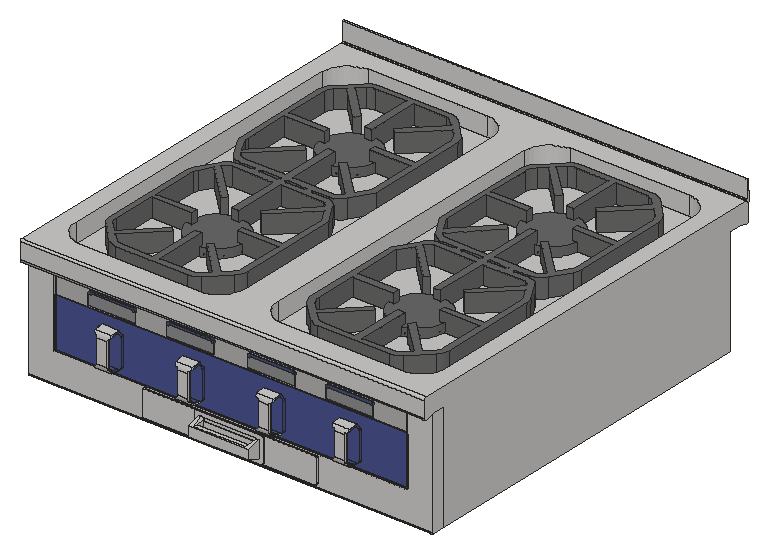
Revit family "QF_ELECTROLUXPROFESSIONAL_588051_MAGGABHOPI", category Specialty Equipment, Revit 2018
Family settings
  Round Connector Dimension = Use Diameter
  Part Type = Normal
  Work Plane-Based = No
  Always vertical = Yes
  Cut with Voids When Loaded = No
  Shared = No
  Room Calculation Point = No
Parameters
  Weight in Pounds = 138.891
  Watts = 0 W
  URL Cutsheet = ""
  Type Mark [instance] = ""
  Status [instance] = ""
  Specification by User [instance] = ""
  Specification by Manufacturer = ""
  Show Clearance [instance] = yes
  Serial Number = ""
  Seismic Rating = ""
  SMACNA No = ""
  Revision Code [instance] = ""
  Omniclass Number and Title = ""
  NAFEM Spec ID Number = ""
  Model = "588051"
  Mechanical Remarks [instance] = ""
  Mechanical Connection Type [instance] = ""
  Masterspec = ""
  Manufacturer = "ELECTROLUX"
  Item Number [instance] = ""
  Installed By [instance] = ""
  Identify Quantity as Lot [instance] = yes
  HP = "0 HP"
  Gas Size = 1/2"
  Gas RI Height [instance] = 0 mm
  Gas KW = 28
  Gas Input = 95452.0 Btu/h
  Gas Connection Height [instance] = 0 mm
  Furnished By [instance] = ""
  Foodservice Equipment Identifier [instance] = yes
  Direct Waste Size = 0"
  Description = "GAS TOP,4 BURNERS,ECO,1-S,BSPL,800X800X250H"
  CSI MasterFormat = ""
  CSI Master Format = ""
  Back Panel [instance] = yes
Reference planes
  plane 1 "BACK": y = 0
  plane 2: z = 0
  plane 3 "LEFT": x = 0
  plane 4 "RIGHT": x = 800
  plane 5 "FRONT": y = -800
  plane 6 "TOP": z = 250
  plane 7: x = 400
  plane 8: y = -400
  plane 9: z = 370
  plane 10: x = 765
  plane 11: y = -60.425
  plane 12: y = -1230
Forms (mm)
  Extrusion 1, solid, material "QF_Finishes_Stainless Steel"
    sketch origin (0, -487.128, 0) x (0, 1, 0) y (0, 0, 1)
      loop
        line (483.128, 250) -> (-308.872, 250)
        arc (-308.872, 250) -> (-311.7, 248.828) -> (-312.872, 246) r 4
        line (-312.872, 246) -> (-312.872, 214)
        arc (-312.872, 214) -> (-311.437, 210.931) -> (-308.161, 210.064) r 4
        line (-308.161, 210.064) -> (-292.872, 213) -> (-267.872, 213) -> (-267.872, 0) -> (442.128, 0) -> (442.128, 213) -> (465.765, 213) -> (482.433, 210.061)
        arc (482.433, 210.061) -> (485.699, 210.936) -> (487.128, 214) r 4
        line (487.128, 214) -> (487.128, 246)
        arc (487.128, 246) -> (485.956, 248.828) -> (483.128, 250) r 4
    from 0 to 800
  Extrusion 2, void
    sketch origin (653.786, 44.048, 250) x (1, 0, 0) y (0, -1, 0)
      loop
        line (-570.234, 89.462) -> (-334.333, 89.462)
        arc (-334.333, 89.462) -> (-299.707, 103.805) -> (-285.364, 138.432) r 48.97
        line (-285.364, 138.432) -> (-285.364, 750.078)
        arc (-285.364, 750.078) -> (-299.707, 784.705) -> (-334.333, 799.048) r 48.97
        line (-334.333, 799.048) -> (-570.234, 799.048)
        arc (-570.234, 799.048) -> (-605.59, 784.403) -> (-620.234, 749.048) r 50
        line (-620.234, 749.048) -> (-620.234, 139.462)
        arc (-620.234, 139.462) -> (-605.59, 104.107) -> (-570.234, 89.462) r 50
      loop
        line (64.679, 799.048) -> (-171.222, 799.048)
        arc (-171.222, 799.048) -> (-206.577, 784.403) -> (-221.222, 749.048) r 50
        line (-221.222, 749.048) -> (-221.222, 139.462)
        arc (-221.222, 139.462) -> (-206.577, 104.107) -> (-171.222, 89.462) r 50
        line (-171.222, 89.462) -> (64.679, 89.462)
        arc (64.679, 89.462) -> (99.306, 103.805) -> (113.649, 138.432) r 48.97
        line (113.649, 138.432) -> (113.649, 750.078)
        arc (113.649, 750.078) -> (99.306, 784.705) -> (64.679, 799.048) r 48.97
    from 0 to 37
  Extrusion 3, solid, material "QF_Finishes_Stainless Steel"
    sketch origin (10, -560, 0) x (1, 0, 0) y (0, -1, 0)
      loop
        circle (755, -70) r 6.35
    from 0 to 3.2
  Extrusion 4, solid, material "QF_Door-Drawer Clearances", visible <- "Show Clearance", detail levels coarse
    sketch origin (-178.969, -4572, 0) x (-1, 0, 0) y (0, -1, 0)
      loop
        line (-407.364, -3789.407) -> (-407.364, -3342) -> (-751.364, -3342) -> (-751.364, -3789.407) -> (-407.364, -3789.407)
    from 8.012 to 59.392
  Extrusion 5, solid, material "QF_Finishes_Stainless Steel"
    sketch origin (0, -950.048, 0) x (0, -1, 0) y (0, 0, -1)
      loop
        arc (-948.097, -252.006) -> (-947.511, -250.592) -> (-946.097, -250.006) r 2
        arc (-946.097, -250.006) -> (-948.877, -248.828) -> (-950.048, -246) r 4
        line (-950.048, -246) -> (-950.048, -288.006) -> (-948.097, -288.006) -> (-948.097, -252.006)
    from 0 to 800
Cuts and joins
  Extrusion 2 cuts Extrusion 1
Lines and regions (mm)
  symbolic lines
    curve 1: line (0, 0, 0) -> (800, 0, 0)
    curve 2: line (0, -800, 0) -> (0, 0, 0)
    curve 3: line (800, -800, 0) -> (0, -800, 0)
    curve 4: line (800, 0, 0) -> (800, -800, 0)
    curve 5: arc (83.552, -755, 0) -> (48.197, -740.355, 0) -> (33.552, -705, 0) r 50
    curve 6: line (33.552, -705, 0) -> (33.552, -95.414, 0)
    curve 7: arc (33.552, -95.414, 0) -> (48.197, -60.059, 0) -> (83.552, -45.414, 0) r 50
    curve 8: line (83.552, -45.414, 0) -> (317.592, -45.414, 0)
    curve 9: arc (718.465, -45.414, 0) -> (753.092, -59.757, 0) -> (767.435, -94.384, 0) r 48.97
    curve 10: line (767.435, -94.384, 0) -> (767.435, -706.03, 0)
    curve 11: arc (767.435, -706.03, 0) -> (753.092, -740.657, 0) -> (718.465, -755, 0) r 48.97
    curve 12: line (718.465, -755, 0) -> (482.408, -755, 0)
    curve 13: line (482.408, -45.414, 0) -> (718.465, -45.414, 0)
    curve 14: line (317.592, -755, 0) -> (83.552, -755, 0)
    curve 15: arc (482.408, -755, 0) -> (447.053, -740.355, 0) -> (432.408, -705, 0) r 50
    curve 16: line (432.408, -705, 0) -> (432.408, -95.414, 0)
    curve 17: arc (432.408, -95.414, 0) -> (447.053, -60.059, 0) -> (482.408, -45.414, 0) r 50
    curve 18: arc (317.592, -755, 0) -> (352.947, -740.355, 0) -> (367.592, -705, 0) r 50
    curve 19: line (367.592, -705, 0) -> (367.592, -95.414, 0)
    curve 20: arc (367.592, -95.414, 0) -> (352.947, -60.059, 0) -> (317.592, -45.414, 0) r 50
    curve 24: line (0, -1.951, 0) -> (800, -1.951, 0)
  symbolic lines, style "QF_Door-Drawer Clearances"
    curve 21: line (228.395, -800, 0) -> (228.395, -1230, 0)
    curve 22: line (572.395, -1230, 0) -> (572.395, -800, 0)
    curve 23: line (228.395, -1230, 0) -> (572.395, -1230, 0)
Dimensions and locks
  plane 3 "LEFT" to plane 4 "RIGHT" = 800 mm
  plane 5 "FRONT" to plane 1 "BACK" = 800 mm
  equal spacing: plane 3 "LEFT", plane 7, plane 4 "RIGHT"
  equal spacing: plane 5 "FRONT", plane 8, plane 1 "BACK"
  plane 6 "TOP" to level = 250 mm  (x2)
  plane 1 "BACK" to plane 5 "FRONT" = 800 mm
  Extrusion 3 sketch curve to plane 1 "BACK" = 490 mm
  Extrusion 3 sketch curve to plane 4 "RIGHT" = 35 mm
  plane 1 "BACK" to Extrusion 3 = 490 mm
  locked: plane 10 to plane 4 "RIGHT" at 35
  plane 5 "FRONT" to plane 12 = 430 mm
  aligned and locked: level to plane 2
  aligned and locked: Extrusion 1 to plane 4 "RIGHT"
Automatic sketch dimensions
  Extrusion 1 sketch curve to plane 5 "FRONT" = 0 mm
  Extrusion 1 sketch curve to plane 6 "TOP" = 0 mm
  Extrusion 1 sketch curve to level = 0 mm
  Extrusion 1 sketch curve to plane 1 "BACK" = 0 mm
  Extrusion 1 sketch curve to plane 6 "TOP" = 37 mm  (x2)
  Extrusion 1 sketch curve to plane 5 "FRONT" = 4 mm
  Extrusion 1 sketch curve to plane 5 "FRONT" = 20 mm
  Extrusion 1 sketch curve to plane 5 "FRONT" = 45 mm
  plane 1 "BACK" to Extrusion 1 sketch curve = 21.363 mm
  plane 1 "BACK" to Extrusion 1 sketch curve = 4 mm  (x2)
  Extrusion 1 sketch curve to Extrusion 1 sketch curve = 4 mm
  Extrusion 1 sketch curve to Extrusion 1 sketch curve = 0.711 mm
  plane 1 "BACK" to Extrusion 1 sketch curve = 4.695 mm
  Extrusion 1 sketch curve to Extrusion 1 sketch curve = 0 mm  (x2)
  Extrusion 1 sketch curve to Extrusion 1 sketch curve = 1 mm  (x2)
  plane 1 "BACK" to Extrusion 1 sketch curve = 45 mm
  plane 1 "BACK" to curve 1 = 0 mm
  curve 1 to plane 4 "RIGHT" = 0 mm
  curve 3 to plane 3 "LEFT" = 0 mm
  curve 10 to plane 10 = 2.435 mm
  plane 11 to curve 13 = 15.012 mm
  plane 10 to curve 13 = 46.535 mm
  plane 10 to curve 12 = 46.535 mm
  plane 7 to curve 16 = 32.408 mm
  curve 19 to plane 7 = 32.408 mm
  plane 3 "LEFT" to curve 8 = 83.552 mm
  plane 3 "LEFT" to curve 14 = 83.552 mm
  plane 3 "LEFT" to curve 6 = 33.552 mm
  curve 15 to curve 16 = 50 mm
  curve 20 to plane 11 = 34.988 mm
  curve 18 to plane 5 "FRONT" = 45 mm
  curve 19 to curve 18 = 50 mm
  Extrusion 1 to Extrusion 2 sketch curve = 33.552 mm
  Extrusion 1 to Extrusion 2 sketch curve = 41 mm  (x2)
  Extrusion 2 sketch curve to Extrusion 2 sketch curve = 50 mm  (x4)
  Extrusion 1 to Extrusion 2 sketch curve = 41.414 mm
  Extrusion 2 sketch curve to Extrusion 2 sketch curve = 235.901 mm  (x2)
  Extrusion 2 sketch curve to Extrusion 2 sketch curve = 48.97 mm
  Extrusion 2 sketch curve to Extrusion 2 sketch curve = 64.142 mm
  Extrusion 1 to Extrusion 2 sketch curve = 81.535 mm  (x2)
  Extrusion 1 to Extrusion 2 sketch curve = 32.565 mm
  Extrusion 2 sketch curve to Extrusion 2 sketch curve = 1.03 mm
  curve 18 to curve 16 = 0 mm
  plane 11 to curve 8 = 15.012 mm
  curve 16 to plane 11 = 34.988 mm
  plane 7 to Extrusion 4 sketch curve = 172.395 mm
  Extrusion 4 sketch curve to plane 5 "FRONT" = 17.407 mm
  Extrusion 4 sketch curve to plane 7 = 171.605 mm
  Extrusion 4 sketch curve to Extrusion 4 sketch curve = 447.407 mm
  curve 22 to plane 12 = 0 mm
  plane 7 to curve 22 = 172.395 mm
  curve 21 to plane 7 = 171.605 mm
  curve 22 to plane 5 "FRONT" = 0 mm
  Extrusion 5 sketch curve to plane 1 "BACK" = 0 mm  (x2)
  Extrusion 5 sketch curve to plane 6 "TOP" = 2.006 mm
  Extrusion 5 sketch curve to plane 6 "TOP" = 0 mm
  Extrusion 5 sketch curve to Extrusion 5 sketch curve = 1.951 mm
  Extrusion 5 sketch curve to Extrusion 5 sketch curve = 2 mm
  Extrusion 5 sketch curve to Extrusion 5 sketch curve = 0.049 mm
  Extrusion 5 sketch curve to Extrusion 5 sketch curve = 36 mm
  Extrusion 5 sketch curve to Extrusion 5 sketch curve = 0 mm
  curve 24 to plane 3 "LEFT" = 0 mm
  curve 24 to plane 4 "RIGHT" = 0 mm
  plane 1 "BACK" to curve 24 = 1.951 mm
  radius of Extrusion 3 sketch curve = 6.35 mm
Nested families
  nested 1: "OBT_800_Open Burner" at (200, -400.207, -649.319), type "OBT_800_Open Burner"
  nested 2: "OBT_800_Open Burner" at (600, -400.207, -649.319) x (-1, 0, 0) z (0, 0, 1), type "OBT_800_Open Burner"
  nested 3: "EG_800_1000_Double Range Control Handle Front Panel" at (202.376, -755, -650), type "EG_800_1000_Double Range Control Handle Front Panel"
Connectors
  piping at (765, -490, -3.2), diameter 12.8
    settings: on Extrusion 3, index 1, connector inside diameter 0.50394", connector length 0 mm, flow factor 0, pipe flow 0 GPM, pressure drop 0.00 psi, fitting loss kfactor 0, connector angle 0.00°, fixture units 0, engagement length 0 mm, angle of deflection 0.00°, flow configuration 1, flow direction 1, fitting loss method 0, system type 7, joint type 0, gender type 0, connector reference index -1, connector utility 0, adjustable connector no, is connector primary yes, connector description "GAS CONNECTION"
Definition of nested family "OBT_800_Open Burner"
  Reference planes
    plane 1 "Center (Front/Back)": y = 0
    plane 2: z = 0
    plane 3 "Center (Left/Right)": x = 0
    plane 4: x = -136.448
    plane 5: x = 137.435
    plane 6: y = 324.793
    plane 7: y = -324.793
  Forms (mm)
    Extrusion 1, solid
      sketch origin (2130.573, 56.896, -679.622) x (1, 0, 0) y (0, 1, 0)
        loop
          line (-2137.44, 256.49) -> (-2200.793, 256.49)
          arc (-2200.793, 256.49) -> (-2207.908, 255.075) -> (-2213.94, 251.044) r 18.593
          line (-2213.94, 251.044) -> (-2226.233, 238.751) -> (-2163.48, 175.998) -> (-2171.6, 167.877) -> (-2234.354, 230.631) -> (-2250.33, 214.654)
          arc (-2250.33, 214.654) -> (-2254.433, 208.337) -> (-2255.614, 200.897) r 18.125
          line (-2255.614, 200.897) -> (-2255.614, 113.422) -> (-2175.79, 113.422) -> (-2175.79, 101.938) -> (-2255.614, 101.938) -> (-2255.614, 10.897)
          arc (-2255.614, 10.897) -> (-2254.981, 6.085) -> (-2253.123, 1.601) r 18.593
          line (-2253.123, 1.601) -> (-2240.078, -20.994) -> (-2171.6, 47.483) -> (-2163.48, 39.363) -> (-2234.012, -31.169)
          arc (-2234.012, -31.169) -> (-2228.546, -38.527) -> (-2220.23, -42.379) r 18.593
          line (-2220.23, -42.379) -> (-2137.44, -42.379) -> (-2137.44, 62.464) -> (-2123.707, 62.464) -> (-2123.707, -42.379) -> (-2039.969, -42.379)
          arc (-2039.969, -42.379) -> (-2031.653, -38.527) -> (-2026.187, -31.169) r 18.593
          line (-2026.187, -31.169) -> (-2097.271, 39.915) -> (-2089.15, 48.035) -> (-2020.118, -20.997) -> (-2004.585, 5.916) -> (-2004.585, 101.938) -> (-2085.357, 101.938) -> (-2085.357, 113.422) -> (-2004.585, 113.422) -> (-2004.585, 197.888)
          arc (-2004.585, 197.888) -> (-2006.695, 208.496) -> (-2012.704, 217.489) r 27.72
          line (-2012.704, 217.489) -> (-2025.845, 230.631) -> (-2089.15, 167.325) -> (-2097.271, 175.446) -> (-2033.966, 238.751) -> (-2046.259, 251.044)
          arc (-2046.259, 251.044) -> (-2052.291, 255.075) -> (-2059.406, 256.49) r 18.593
          line (-2059.406, 256.49) -> (-2123.707, 256.49) -> (-2123.707, 152.897) -> (-2137.44, 152.897) -> (-2137.44, 256.49)
        loop
          arc (-2267.021, 10.897) -> (-2265.999, 3.132) -> (-2263.002, -4.103) r 30
          line (-2263.002, -4.103) -> (-2242.795, -39.103)
          arc (-2242.795, -39.103) -> (-2231.814, -50.084) -> (-2216.814, -54.103) r 30
          line (-2216.814, -54.103) -> (-2189.287, -54.103)
          arc (-2189.287, -54.103) -> (-2188.243, -56) -> (-2186.272, -56.896) r 3.438
          arc (-2186.272, -56.896) -> (-2188.243, -57.792) -> (-2189.287, -59.689) r 3.438
          line (-2189.287, -59.689) -> (-2216.814, -59.689)
          arc (-2216.814, -59.689) -> (-2231.814, -63.708) -> (-2242.795, -74.689) r 30
          line (-2242.795, -74.689) -> (-2263.002, -109.689)
          arc (-2263.002, -109.689) -> (-2265.999, -116.924) -> (-2267.021, -124.689) r 30
          line (-2267.021, -124.689) -> (-2267.021, -315.461)
          arc (-2267.021, -315.461) -> (-2264.738, -326.941) -> (-2258.234, -336.674) r 30
          line (-2258.234, -336.674) -> (-2221.975, -372.933)
          arc (-2221.975, -372.933) -> (-2212.253, -379.414) -> (-2200.793, -381.689) r 30
          line (-2200.793, -381.689) -> (-2059.406, -381.689)
          arc (-2059.406, -381.689) -> (-2047.942, -379.412) -> (-2038.218, -372.928) r 30
          line (-2038.218, -372.928) -> (-2001.964, -336.674)
          arc (-2001.964, -336.674) -> (-1995.461, -326.941) -> (-1993.138, -315.461) r 30
          line (-1993.138, -315.461) -> (-1993.138, -116.719) -> (-2017.404, -74.689)
          arc (-2017.404, -74.689) -> (-2028.385, -63.708) -> (-2043.385, -59.689) r 30
          line (-2043.385, -59.689) -> (-2070.476, -59.689)
          arc (-2070.476, -59.689) -> (-2072.136, -57.759) -> (-2074.531, -56.896) r 5
          arc (-2074.531, -56.896) -> (-2072.136, -56.033) -> (-2070.476, -54.103) r 5
          line (-2070.476, -54.103) -> (-2043.385, -54.103)
          arc (-2043.385, -54.103) -> (-2028.385, -50.084) -> (-2017.404, -39.103) r 30
          line (-2017.404, -39.103) -> (-1993.294, 2.656) -> (-1993.294, 204.314)
          arc (-1993.294, 204.314) -> (-1995.995, 214.361) -> (-2001.964, 222.882) r 30
          line (-2001.964, 222.882) -> (-2038.218, 259.136)
          arc (-2038.218, 259.136) -> (-2047.942, 265.62) -> (-2059.406, 267.897) r 30
          line (-2059.406, 267.897) -> (-2200.793, 267.897)
          arc (-2200.793, 267.897) -> (-2212.253, 265.622) -> (-2221.975, 259.141) r 30
          line (-2221.975, 259.141) -> (-2258.234, 222.882)
          arc (-2258.234, 222.882) -> (-2264.738, 213.149) -> (-2267.021, 201.669) r 30
          line (-2267.021, 201.669) -> (-2267.021, 10.897)
        loop
          arc (-2122.397, -54.103) -> (-2124.057, -56.033) -> (-2126.452, -56.896) r 5
          arc (-2126.452, -56.896) -> (-2124.057, -57.759) -> (-2122.397, -59.689) r 5
          line (-2122.397, -59.689) -> (-2085.985, -59.689)
          arc (-2085.985, -59.689) -> (-2084.941, -57.792) -> (-2082.97, -56.896) r 3.438
          arc (-2082.97, -56.896) -> (-2084.941, -56) -> (-2085.985, -54.103) r 3.438
          line (-2085.985, -54.103) -> (-2122.397, -54.103)
        loop
          arc (-2173.778, -54.103) -> (-2175.438, -56.033) -> (-2177.833, -56.896) r 5
          arc (-2177.833, -56.896) -> (-2175.438, -57.759) -> (-2173.778, -59.689) r 5
          line (-2173.778, -59.689) -> (-2137.906, -59.689)
          arc (-2137.906, -59.689) -> (-2136.862, -57.792) -> (-2134.891, -56.896) r 3.438
          arc (-2134.891, -56.896) -> (-2136.862, -56) -> (-2137.906, -54.103) r 3.438
          line (-2137.906, -54.103) -> (-2173.778, -54.103)
        loop
          line (-2137.44, -370.282) -> (-2137.44, -265.439) -> (-2123.707, -265.439) -> (-2123.707, -370.282) -> (-2059.406, -370.282)
          arc (-2059.406, -370.282) -> (-2052.291, -368.867) -> (-2046.259, -364.836) r 18.593
          line (-2046.259, -364.836) -> (-2033.341, -351.918) -> (-2097.271, -287.988) -> (-2089.15, -279.867) -> (-2025.22, -343.798) -> (-2012.704, -331.281)
          arc (-2012.704, -331.281) -> (-2006.695, -322.288) -> (-2004.585, -311.68) r 27.72
          line (-2004.585, -311.68) -> (-2004.585, -225.964) -> (-2085.357, -225.964) -> (-2085.357, -214.48) -> (-2004.585, -214.48) -> (-2004.585, -119.708) -> (-2020.576, -92.003) -> (-2089.15, -160.577) -> (-2097.271, -152.457) -> (-2026.57, -81.755)
          arc (-2026.57, -81.755) -> (-2032.024, -74.971) -> (-2039.969, -71.413) r 18.593
          line (-2039.969, -71.413) -> (-2123.707, -71.413) -> (-2123.707, -175.006) -> (-2137.44, -175.006) -> (-2137.44, -71.413) -> (-2220.23, -71.413)
          arc (-2220.23, -71.413) -> (-2228.175, -74.971) -> (-2233.629, -81.755) r 18.593
          line (-2233.629, -81.755) -> (-2163.48, -151.905) -> (-2171.6, -160.025) -> (-2239.62, -92.005) -> (-2253.123, -115.393)
          arc (-2253.123, -115.393) -> (-2254.981, -119.877) -> (-2255.614, -124.689) r 18.593
          line (-2255.614, -124.689) -> (-2255.614, -214.48) -> (-2175.79, -214.48) -> (-2175.79, -225.964) -> (-2255.614, -225.964) -> (-2255.614, -314.689)
          arc (-2255.614, -314.689) -> (-2254.433, -322.129) -> (-2250.33, -328.446) r 18.125
          line (-2250.33, -328.446) -> (-2234.979, -343.798) -> (-2171.6, -280.419) -> (-2163.48, -288.54) -> (-2226.858, -351.918) -> (-2213.94, -364.836)
          arc (-2213.94, -364.836) -> (-2207.908, -368.867) -> (-2200.793, -370.282) r 18.593
          line (-2200.793, -370.282) -> (-2137.44, -370.282)
      from 1542.072 to 1578.941
    Extrusion 2, solid
      sketch origin (2130.573, 86.122, 0) x (1, 0, 0) y (0, 1, 0)
        loop
          circle (-2130.573, -249.448) r 55
        loop
          circle (-2130.573, 78.455) r 55
      from 862.45 to 879.837
    Extrusion 3, void
      sketch origin (-124.371, -330.785, -22.784) x (-0.587785, -0.809017, 0) y (0, 0, 1)
        loop
          circle (-213.495, 891.283) r 1
      from -67.69 to -35.114
    Extrusion 4, void
      sketch origin (-89.903, -351.417, -22.784) x (-0.422618, -0.906308, 0) y (0, 0, 1)
        loop
          circle (-213.495, 891.283) r 1
      from -74.826 to -35.114
    Extrusion 5, void
      sketch origin (-52.131, -365.093, -22.784) x (-0.241922, -0.970296, 0) y (0, 0, 1)
        loop
          circle (-213.495, 891.283) r 1
      from -67.69 to -35.114
    Extrusion 6, void
      sketch origin (27.702, -369.842, -22.784) x (0.139173, -0.990268, 0) y (0, 0, 1)
        loop
          circle (-213.495, 891.283) r 1
      from -67.69 to -35.114
    Extrusion 7, void
      sketch origin (66.829, -360.74, -22.784) x (0.325568, -0.945519, 0) y (0, 0, 1)
        loop
          circle (-213.495, 891.283) r 1
      from -67.69 to -35.114
    Extrusion 8, void
      sketch origin (103.5, -344.339, -22.784) x (0.5, -0.866025, 0) y (0, 0, 1)
        loop
          circle (-213.495, 891.283) r 1
      from -67.69 to -35.114
    Extrusion 9, void
      sketch origin (136.368, -321.242, -22.784) x (0.656059, -0.75471, 0) y (0, 0, 1)
        loop
          circle (-213.495, 891.283) r 1
      from -67.69 to -35.114
    Extrusion 10, void
      sketch origin (164.225, -292.298, -22.784) x (0.788011, -0.615661, 0) y (0, 0, 1)
        loop
          circle (-213.495, 891.283) r 1
      from -67.69 to -35.114
    Extrusion 11, void
      sketch origin (186.048, -258.571, -22.784) x (0.891007, -0.45399, 0) y (0, 0, 1)
        loop
          circle (-213.495, 891.283) r 1
      from -67.69 to -35.114
    Extrusion 12, void
      sketch origin (201.034, -221.299, -22.784) x (0.961262, -0.275637, 0) y (0, 0, 1)
        loop
          circle (-213.495, 891.283) r 1
      from -67.69 to -35.114
    Extrusion 13, void
      sketch origin (208.566, -141.681, -22.784) x (0.994522, 0.104528, 0) y (0, 0, 1)
        loop
          circle (-213.495, 891.283) r 1
      from -67.69 to -35.114
    Extrusion 14, void
      sketch origin (200.835, -102.26, -22.784) x (0.956305, 0.292372, 0) y (0, 0, 1)
        loop
          circle (-213.495, 891.283) r 1
      from -67.69 to -35.114
    Extrusion 15, void
      sketch origin (185.724, -65.039, -22.784) x (0.882948, 0.469472, 0) y (0, 0, 1)
        loop
          circle (-213.495, 891.283) r 1
      from -67.69 to -35.114
    Extrusion 16, void
      sketch origin (163.788, -31.385, -22.784) x (0.777146, 0.62932, 0) y (0, 0, 1)
        loop
          circle (-213.495, 891.283) r 1
      from -67.69 to -35.114
    Extrusion 17, void
      sketch origin (135.834, -2.534, -22.784) x (0.642788, 0.766044, 0) y (0, 0, 1)
        loop
          circle (-213.495, 891.283) r 1
      from -67.69 to -35.114
    Extrusion 18, void
      sketch origin (102.889, 20.452, -22.784) x (0.48481, 0.87462, 0) y (0, 0, 1)
        loop
          circle (-213.495, 891.283) r 1
      from -67.69 to -35.114
    Extrusion 19, void
      sketch origin (66.163, 36.73, -22.784) x (0.309017, 0.951057, 0) y (0, 0, 1)
        loop
          circle (-213.495, 891.283) r 1
      from -67.69 to -35.114
    Extrusion 20, void
      sketch origin (-52.811, 40.685, -22.784) x (-0.258819, 0.965926, 0) y (0, 0, 1)
        loop
          circle (-213.495, 891.283) r 1
      from -67.69 to -35.114
    Extrusion 21, void
      sketch origin (-90.537, 26.882, -22.784) x (-0.438371, 0.898794, 0) y (0, 0, 1)
        loop
          circle (-213.495, 891.283) r 1
      from -67.69 to -35.114
    Extrusion 22, void
      sketch origin (-124.936, 6.135, -22.784) x (-0.601815, 0.798636, 0) y (0, 0, 1)
        loop
          circle (-213.495, 891.283) r 1
      from -67.69 to -35.114
    Extrusion 23, void
      sketch origin (-154.744, -20.796, -22.784) x (-0.743145, 0.669131, 0) y (0, 0, 1)
        loop
          circle (-213.495, 891.283) r 1
      from -67.69 to -35.114
    Extrusion 24, void
      sketch origin (-178.866, -52.919, -22.784) x (-0.857167, 0.515038, 0) y (0, 0, 1)
        loop
          circle (-213.495, 891.283) r 1
      from -67.69 to -35.114
    Extrusion 25, void
      sketch origin (-196.416, -89.054, -22.784) x (-0.939693, 0.34202, 0) y (0, 0, 1)
        loop
          circle (-213.495, 891.283) r 1
      from -67.69 to -35.114
    Extrusion 26, void
      sketch origin (-204.521, -207.817, -22.784) x (-0.97437, -0.224951, 0) y (0, 0, 1)
        loop
          circle (-213.495, 891.283) r 1
      from -67.69 to -35.114
    Extrusion 27, void
      sketch origin (-192.043, -246.002, -22.784) x (-0.913545, -0.406737, 0) y (0, 0, 1)
        loop
          circle (-213.495, 891.283) r 1
      from -67.69 to -35.114
    Extrusion 28, void
      sketch origin (-172.509, -281.104, -22.784) x (-0.819152, -0.573576, 0) y (0, 0, 1)
        loop
          circle (-213.495, 891.283) r 1
      from -67.69 to -35.114
    Extrusion 29, void
      sketch origin (-146.635, -311.834, -22.784) x (-0.694658, -0.71934, 0) y (0, 0, 1)
        loop
          circle (-213.495, 891.283) r 1
      from -67.69 to -35.114
    Extrusion 30, void
      sketch origin (-124.371, -2.882, -22.784) x (-0.587785, -0.809017, 0) y (0, 0, 1)
        loop
          circle (-213.495, 891.283) r 1
      from -67.69 to -35.114
    Extrusion 31, void
      sketch origin (-89.903, -23.515, -22.784) x (-0.422618, -0.906308, 0) y (0, 0, 1)
        loop
          circle (-213.495, 891.283) r 1
      from -74.826 to -35.114
    Extrusion 32, void
      sketch origin (-52.131, -37.191, -22.784) x (-0.241922, -0.970296, 0) y (0, 0, 1)
        loop
          circle (-213.495, 891.283) r 1
      from -67.69 to -35.114
    Extrusion 33, void
      sketch origin (27.702, -41.939, -22.784) x (0.139173, -0.990268, 0) y (0, 0, 1)
        loop
          circle (-213.495, 891.283) r 1
      from -67.69 to -35.114
    Extrusion 34, void
      sketch origin (66.829, -32.837, -22.784) x (0.325568, -0.945519, 0) y (0, 0, 1)
        loop
          circle (-213.495, 891.283) r 1
      from -67.69 to -35.114
    Extrusion 35, void
      sketch origin (103.5, -16.436, -22.784) x (0.5, -0.866025, 0) y (0, 0, 1)
        loop
          circle (-213.495, 891.283) r 1
      from -67.69 to -35.114
    Extrusion 36, void
      sketch origin (136.368, 6.66, -22.784) x (0.656059, -0.75471, 0) y (0, 0, 1)
        loop
          circle (-213.495, 891.283) r 1
      from -67.69 to -35.114
    Extrusion 37, void
      sketch origin (164.225, 35.604, -22.784) x (0.788011, -0.615661, 0) y (0, 0, 1)
        loop
          circle (-213.495, 891.283) r 1
      from -67.69 to -35.114
    Extrusion 38, void
      sketch origin (186.048, 69.332, -22.784) x (0.891007, -0.45399, 0) y (0, 0, 1)
        loop
          circle (-213.495, 891.283) r 1
      from -67.69 to -35.114
    Extrusion 39, void
      sketch origin (201.034, 106.603, -22.784) x (0.961262, -0.275637, 0) y (0, 0, 1)
        loop
          circle (-213.495, 891.283) r 1
      from -67.69 to -35.114
    Extrusion 40, void
      sketch origin (208.566, 186.222, -22.784) x (0.994522, 0.104528, 0) y (0, 0, 1)
        loop
          circle (-213.495, 891.283) r 1
      from -67.69 to -35.114
    Extrusion 41, void
      sketch origin (200.835, 225.642, -22.784) x (0.956305, 0.292372, 0) y (0, 0, 1)
        loop
          circle (-213.495, 891.283) r 1
      from -67.69 to -35.114
    Extrusion 42, void
      sketch origin (185.724, 262.864, -22.784) x (0.882948, 0.469472, 0) y (0, 0, 1)
        loop
          circle (-213.495, 891.283) r 1
      from -67.69 to -35.114
    Extrusion 43, void
      sketch origin (163.788, 296.518, -22.784) x (0.777146, 0.62932, 0) y (0, 0, 1)
        loop
          circle (-213.495, 891.283) r 1
      from -67.69 to -35.114
    Extrusion 44, void
      sketch origin (135.834, 325.368, -22.784) x (0.642788, 0.766044, 0) y (0, 0, 1)
        loop
          circle (-213.495, 891.283) r 1
      from -67.69 to -35.114
    Extrusion 45, void
      sketch origin (102.889, 348.355, -22.784) x (0.48481, 0.87462, 0) y (0, 0, 1)
        loop
          circle (-213.495, 891.283) r 1
      from -67.69 to -35.114
    Extrusion 46, void
      sketch origin (66.163, 364.633, -22.784) x (0.309017, 0.951057, 0) y (0, 0, 1)
        loop
          circle (-213.495, 891.283) r 1
      from -67.69 to -35.114
    Extrusion 47, void
      sketch origin (-52.811, 368.588, -22.784) x (-0.258819, 0.965926, 0) y (0, 0, 1)
        loop
          circle (-213.495, 891.283) r 1
      from -67.69 to -35.114
    Extrusion 48, void
      sketch origin (-90.537, 354.785, -22.784) x (-0.438371, 0.898794, 0) y (0, 0, 1)
        loop
          circle (-213.495, 891.283) r 1
      from -67.69 to -35.114
    Extrusion 49, void
      sketch origin (-124.936, 334.037, -22.784) x (-0.601815, 0.798636, 0) y (0, 0, 1)
        loop
          circle (-213.495, 891.283) r 1
      from -67.69 to -35.114
    Extrusion 50, void
      sketch origin (-154.744, 307.107, -22.784) x (-0.743145, 0.669131, 0) y (0, 0, 1)
        loop
          circle (-213.495, 891.283) r 1
      from -67.69 to -35.114
    Extrusion 51, void
      sketch origin (-178.866, 274.984, -22.784) x (-0.857167, 0.515038, 0) y (0, 0, 1)
        loop
          circle (-213.495, 891.283) r 1
      from -67.69 to -35.114
    Extrusion 52, void
      sketch origin (-196.416, 238.848, -22.784) x (-0.939693, 0.34202, 0) y (0, 0, 1)
        loop
          circle (-213.495, 891.283) r 1
      from -67.69 to -35.114
    Extrusion 53, void
      sketch origin (-204.521, 120.086, -22.784) x (-0.97437, -0.224951, 0) y (0, 0, 1)
        loop
          circle (-213.495, 891.283) r 1
      from -67.69 to -35.114
    Extrusion 54, void
      sketch origin (-192.043, 81.901, -22.784) x (-0.913545, -0.406737, 0) y (0, 0, 1)
        loop
          circle (-213.495, 891.283) r 1
      from -67.69 to -35.114
    Extrusion 55, void
      sketch origin (-172.509, 46.798, -22.784) x (-0.819152, -0.573576, 0) y (0, 0, 1)
        loop
          circle (-213.495, 891.283) r 1
      from -67.69 to -35.114
    Extrusion 56, void
      sketch origin (-146.635, 16.068, -22.784) x (-0.694658, -0.71934, 0) y (0, 0, 1)
        loop
          circle (-213.495, 891.283) r 1
      from -67.69 to -35.114
  Cuts and joins
    Extrusion 3, Extrusion 4, Extrusion 5, Extrusion 6, Extrusion 7, Extrusion 8, Extrusion 9, Extrusion 10, Extrusion 11, Extrusion 12, Extrusion 13, Extrusion 14, Extrusion 15, Extrusion 16, Extrusion 17, Extrusion 18, Extrusion 19, Extrusion 20, Extrusion 21, Extrusion 22, Extrusion 23, Extrusion 24, Extrusion 25, Extrusion 26, Extrusion 27, Extrusion 28, Extrusion 29, Extrusion 30, Extrusion 31, Extrusion 32, Extrusion 33, Extrusion 34, Extrusion 35, Extrusion 36, Extrusion 37, Extrusion 38, Extrusion 39, Extrusion 40, Extrusion 41, Extrusion 42, Extrusion 43, Extrusion 44, Extrusion 45, Extrusion 46, Extrusion 47, Extrusion 48, Extrusion 49, Extrusion 50, Extrusion 51, Extrusion 52, Extrusion 53, Extrusion 54, Extrusion 55, Extrusion 56 cuts Extrusion 2
    Extrusion 32 cuts Extrusion 1
  Lines and regions (mm)
    symbolic lines
      curve 1: line (-103.78, 287.527, 0) -> (-41.027, 224.773, 0)
      curve 2: line (-41.027, 224.773, 0) -> (-32.906, 232.894, 0)
      curve 3: line (-32.906, 232.894, 0) -> (-95.66, 295.647, 0)
      curve 4: line (-95.66, 295.647, 0) -> (-83.367, 307.94, 0)
      curve 5: arc (-83.367, 307.94, 0) -> (-77.335, 311.971, 0) -> (-70.219, 313.386, 0) r 18.593
      curve 6: line (-70.219, 313.386, 0) -> (-6.867, 313.386, 0)
      curve 7: line (-6.867, 313.386, 0) -> (-6.867, 209.793, 0)
      curve 8: line (-6.867, 209.793, 0) -> (6.867, 209.793, 0)
      curve 9: line (6.867, 209.793, 0) -> (6.867, 313.386, 0)
      curve 10: line (6.867, 313.386, 0) -> (71.168, 313.386, 0)
      curve 11: arc (71.168, 313.386, 0) -> (78.283, 311.971, 0) -> (84.315, 307.94, 0) r 18.593
      curve 12: line (84.315, 307.94, 0) -> (96.608, 295.647, 0)
      curve 13: line (96.608, 295.647, 0) -> (33.302, 232.342, 0)
      curve 14: line (33.302, 232.342, 0) -> (41.423, 224.221, 0)
      curve 15: line (41.423, 224.221, 0) -> (104.728, 287.527, 0)
      curve 16: line (104.728, 287.527, 0) -> (117.87, 274.385, 0)
      curve 17: arc (117.87, 274.385, 0) -> (123.879, 265.392, 0) -> (125.989, 254.784, 0) r 27.72
      curve 18: line (125.989, 254.784, 0) -> (125.989, 170.318, 0)
      curve 19: line (125.989, 170.318, 0) -> (45.217, 170.318, 0)
      curve 20: line (45.217, 170.318, 0) -> (45.217, 158.834, 0)
      curve 21: line (45.217, 158.834, 0) -> (125.989, 158.834, 0)
      curve 22: line (125.989, 158.834, 0) -> (125.989, 62.812, 0)
      curve 23: line (125.989, 62.812, 0) -> (110.455, 35.899, 0)
      curve 24: line (110.455, 35.899, 0) -> (41.423, 104.931, 0)
      curve 25: line (41.423, 104.931, 0) -> (33.302, 96.811, 0)
      curve 26: line (33.302, 96.811, 0) -> (104.386, 25.727, 0)
      curve 27: arc (104.386, 25.727, 0) -> (98.921, 18.369, 0) -> (90.604, 14.517, 0) r 18.593
      curve 28: line (90.604, 14.517, 0) -> (6.867, 14.517, 0)
      curve 29: line (6.867, 14.517, 0) -> (6.867, 119.36, 0)
      curve 30: line (6.867, 119.36, 0) -> (-6.867, 119.36, 0)
      curve 31: line (-6.867, 119.36, 0) -> (-6.867, 14.517, 0)
      curve 32: line (-6.867, 14.517, 0) -> (-89.656, 14.517, 0)
      curve 33: arc (-89.656, 14.517, 0) -> (-97.973, 18.369, 0) -> (-103.438, 25.727, 0) r 18.593
      curve 34: line (-103.438, 25.727, 0) -> (-32.906, 96.259, 0)
      curve 35: line (-32.906, 96.259, 0) -> (-41.027, 104.379, 0)
      curve 36: line (-41.027, 104.379, 0) -> (-109.504, 35.902, 0)
      curve 37: line (-109.504, 35.902, 0) -> (-122.55, 58.497, 0)
      curve 38: arc (-122.55, 58.497, 0) -> (-124.407, 62.981, 0) -> (-125.041, 67.793, 0) r 18.593
      curve 39: line (-125.041, 67.793, 0) -> (-125.041, 158.834, 0)
      curve 40: line (-125.041, 158.834, 0) -> (-45.217, 158.834, 0)
      curve 41: line (-45.217, 158.834, 0) -> (-45.217, 170.318, 0)
      curve 42: line (-45.217, 170.318, 0) -> (-125.041, 170.318, 0)
      curve 43: line (-125.041, 170.318, 0) -> (-125.041, 257.793, 0)
      curve 44: arc (-125.041, 257.793, 0) -> (-123.86, 265.233, 0) -> (-119.757, 271.55, 0) r 18.125
      curve 45: line (-119.757, 271.55, 0) -> (-103.78, 287.527, 0)
      curve 46: line (-32.906, -95.009, 0) -> (-103.056, -24.859, 0)
      curve 47: arc (-103.056, -24.859, 0) -> (-97.601, -18.075, 0) -> (-89.656, -14.517, 0) r 18.593
      curve 48: line (-89.656, -14.517, 0) -> (-6.867, -14.517, 0)
      curve 49: line (-6.867, -14.517, 0) -> (-6.867, -118.11, 0)
      curve 50: line (-6.867, -118.11, 0) -> (6.867, -118.11, 0)
      curve 51: line (6.867, -118.11, 0) -> (6.867, -14.517, 0)
      curve 52: line (6.867, -14.517, 0) -> (90.604, -14.517, 0)
      curve 53: arc (90.604, -14.517, 0) -> (98.549, -18.075, 0) -> (104.004, -24.859, 0) r 18.593
      curve 54: line (104.004, -24.859, 0) -> (33.302, -95.561, 0)
      curve 55: line (33.302, -95.561, 0) -> (41.423, -103.681, 0)
      curve 56: line (41.423, -103.681, 0) -> (109.998, -35.107, 0)
      curve 57: line (109.998, -35.107, 0) -> (125.989, -62.812, 0)
      curve 58: line (125.989, -62.812, 0) -> (125.989, -157.584, 0)
      curve 59: line (125.989, -157.584, 0) -> (45.217, -157.584, 0)
      curve 60: line (45.217, -157.584, 0) -> (45.217, -169.068, 0)
      curve 61: line (45.217, -169.068, 0) -> (125.989, -169.068, 0)
      curve 62: line (125.989, -169.068, 0) -> (125.989, -254.784, 0)
      curve 63: arc (125.989, -254.784, 0) -> (123.879, -265.392, 0) -> (117.87, -274.385, 0) r 27.72
      curve 64: line (117.87, -274.385, 0) -> (105.353, -286.902, 0)
      curve 65: line (105.353, -286.902, 0) -> (41.423, -222.971, 0)
      curve 66: line (41.423, -222.971, 0) -> (33.302, -231.092, 0)
      curve 67: line (33.302, -231.092, 0) -> (97.233, -295.022, 0)
      curve 68: line (97.233, -295.022, 0) -> (84.315, -307.94, 0)
      curve 69: arc (84.315, -307.94, 0) -> (78.283, -311.971, 0) -> (71.168, -313.386, 0) r 18.593
      curve 70: line (71.168, -313.386, 0) -> (6.867, -313.386, 0)
      curve 71: line (6.867, -313.386, 0) -> (6.867, -208.543, 0)
      curve 72: line (6.867, -208.543, 0) -> (-6.867, -208.543, 0)
      curve 73: line (-6.867, -208.543, 0) -> (-6.867, -313.386, 0)
      curve 74: line (-6.867, -313.386, 0) -> (-70.219, -313.386, 0)
      curve 75: arc (-70.219, -313.386, 0) -> (-77.335, -311.971, 0) -> (-83.367, -307.94, 0) r 18.593
      curve 76: line (-83.367, -307.94, 0) -> (-96.285, -295.022, 0)
      curve 77: line (-96.285, -295.022, 0) -> (-32.906, -231.644, 0)
      curve 78: line (-32.906, -231.644, 0) -> (-41.027, -223.523, 0)
      curve 79: line (-41.027, -223.523, 0) -> (-104.405, -286.902, 0)
      curve 80: line (-104.405, -286.902, 0) -> (-119.757, -271.55, 0)
      curve 81: arc (-119.757, -271.55, 0) -> (-123.86, -265.233, 0) -> (-125.041, -257.793, 0) r 18.125
      curve 82: line (-125.041, -257.793, 0) -> (-125.041, -169.068, 0)
      curve 83: line (-125.041, -169.068, 0) -> (-45.217, -169.068, 0)
      curve 84: line (-45.217, -169.068, 0) -> (-45.217, -157.584, 0)
      curve 85: line (-45.217, -157.584, 0) -> (-125.041, -157.584, 0)
      curve 86: line (-125.041, -157.584, 0) -> (-125.041, -67.793, 0)
      curve 87: arc (-125.041, -67.793, 0) -> (-124.407, -62.981, 0) -> (-122.55, -58.497, 0) r 18.593
      curve 88: line (-122.55, -58.497, 0) -> (-109.047, -35.109, 0)
      curve 89: line (-109.047, -35.109, 0) -> (-41.027, -103.129, 0)
      curve 90: line (-41.027, -103.129, 0) -> (-32.906, -95.009, 0)
      curve 91: line (-132.429, 52.793, 0) -> (-112.221, 17.793, 0)
      curve 92: arc (-112.221, 17.793, 0) -> (-101.241, 6.812, 0) -> (-86.241, 2.793, 0) r 30
      curve 93: line (-86.241, 2.793, 0) -> (-58.714, 2.793, 0)
      curve 94: arc (-58.714, 2.793, 0) -> (-57.669, 0.896, 0) -> (-55.698, 0, 0) r 3.438
      curve 95: arc (-55.698, 0, 0) -> (-57.669, -0.896, 0) -> (-58.714, -2.793, 0) r 3.438
      curve 96: line (-58.714, -2.793, 0) -> (-86.241, -2.793, 0)
      curve 97: arc (-86.241, -2.793, 0) -> (-101.241, -6.812, 0) -> (-112.221, -17.793, 0) r 30
      curve 98: line (-112.221, -17.793, 0) -> (-132.429, -52.793, 0)
      curve 99: arc (-132.429, -52.793, 0) -> (-135.426, -60.028, 0) -> (-136.448, -67.793, 0) r 30
      curve 100: line (-136.448, -67.793, 0) -> (-136.448, -258.565, 0)
      curve 101: arc (-136.448, -258.565, 0) -> (-134.164, -270.045, 0) -> (-127.661, -279.778, 0) r 30
      curve 102: line (-127.661, -279.778, 0) -> (-91.401, -316.037, 0)
      curve 103: arc (-91.401, -316.037, 0) -> (-81.68, -322.518, 0) -> (-70.219, -324.793, 0) r 30
      curve 104: line (-70.219, -324.793, 0) -> (71.168, -324.793, 0)
      curve 105: arc (71.168, -324.793, 0) -> (82.631, -322.516, 0) -> (92.355, -316.032, 0) r 30
      curve 106: line (92.355, -316.032, 0) -> (128.609, -279.778, 0)
      curve 107: arc (128.609, -279.778, 0) -> (135.112, -270.045, 0) -> (137.396, -258.565, 0) r 30
      curve 108: line (137.435, -258.565, 0) -> (137.435, -59.823, 0)
      curve 109: line (137.435, -59.823, 0) -> (113.169, -17.793, 0)
      curve 110: arc (113.169, -17.793, 0) -> (102.189, -6.812, 0) -> (87.189, -2.793, 0) r 30
      curve 111: line (87.189, -2.793, 0) -> (60.098, -2.793, 0)
      curve 112: arc (60.098, -2.793, 0) -> (58.438, -0.863, 0) -> (56.042, 0, 0) r 5
      curve 113: arc (56.042, 0, 0) -> (58.438, 0.863, 0) -> (60.098, 2.793, 0) r 5
      curve 114: line (60.098, 2.793, 0) -> (87.189, 2.793, 0)
      curve 115: arc (87.189, 2.793, 0) -> (102.189, 6.812, 0) -> (113.169, 17.793, 0) r 30
      curve 116: line (113.169, 17.793, 0) -> (137.279, 59.552, 0)
      curve 117: line (137.279, 59.552, 0) -> (137.279, 261.21, 0)
      curve 118: arc (137.279, 261.21, 0) -> (134.579, 271.257, 0) -> (128.609, 279.778, 0) r 30
      curve 119: line (128.609, 279.778, 0) -> (92.355, 316.032, 0)
      curve 120: arc (92.355, 316.032, 0) -> (82.631, 322.516, 0) -> (71.168, 324.793, 0) r 30
      curve 121: line (71.168, 324.793, 0) -> (-70.219, 324.793, 0)
      curve 122: arc (-70.219, 324.793, 0) -> (-81.68, 322.518, 0) -> (-91.401, 316.037, 0) r 30
      curve 123: line (-91.401, 316.037, 0) -> (-127.661, 279.778, 0)
      curve 124: arc (-127.661, 279.778, 0) -> (-134.164, 270.045, 0) -> (-136.448, 258.565, 0) r 30
      curve 125: line (-136.448, 258.565, 0) -> (-136.448, 67.793, 0)
      curve 126: arc (-136.448, 67.793, 0) -> (-135.426, 60.028, 0) -> (-132.429, 52.793, 0) r 30
      curve 127: line (-43.204, 2.793, 0) -> (-7.333, 2.793, 0)
      curve 128: arc (-7.333, 2.793, 0) -> (-6.288, 0.896, 0) -> (-4.317, 0, 0) r 3.438
      curve 129: arc (-4.317, 0, 0) -> (-6.288, -0.896, 0) -> (-7.333, -2.793, 0) r 3.438
      curve 130: line (-7.333, -2.793, 0) -> (-43.204, -2.793, 0)
      curve 131: arc (-43.204, -2.793, 0) -> (-44.864, -0.863, 0) -> (-47.26, 0, 0) r 5
      curve 132: arc (-47.26, 0, 0) -> (-44.864, 0.863, 0) -> (-43.204, 2.793, 0) r 5
      curve 133: line (8.177, 2.793, 0) -> (44.588, 2.793, 0)
      curve 134: arc (44.588, 2.793, 0) -> (45.633, 0.896, 0) -> (47.604, 0, 0) r 3.438
      curve 135: arc (47.604, 0, 0) -> (45.633, -0.896, 0) -> (44.588, -2.793, 0) r 3.438
      curve 136: line (44.588, -2.793, 0) -> (8.177, -2.793, 0)
      curve 137: arc (8.177, -2.793, 0) -> (6.517, -0.863, 0) -> (4.121, 0, 0) r 5
      curve 138: arc (4.121, 0, 0) -> (6.517, 0.863, 0) -> (8.177, 2.793, 0) r 5
      curve 139: arc (-6.867, 219.146, 0) -> (-39.289, 203.065, 0) -> (-54.699, 170.318, 0) r 55
      curve 140: arc (54.699, 170.318, 0) -> (39.289, 203.065, 0) -> (6.867, 219.146, 0) r 55
      curve 141: arc (6.867, 110.007, 0) -> (39.289, 126.088, 0) -> (54.699, 158.834, 0) r 55
      curve 142: arc (-54.699, 158.834, 0) -> (-39.289, 126.088, 0) -> (-6.867, 110.007, 0) r 55
      curve 143: arc (-6.867, -108.757, 0) -> (-39.289, -124.838, 0) -> (-54.699, -157.584, 0) r 55
      curve 144: arc (-54.699, -169.068, 0) -> (-39.289, -201.815, 0) -> (-6.867, -217.896, 0) r 55
      curve 145: arc (54.699, -157.584, 0) -> (39.289, -124.838, 0) -> (6.867, -108.757, 0) r 55
      curve 146: arc (6.867, -217.896, 0) -> (39.289, -201.815, 0) -> (54.699, -169.068, 0) r 55
  Dimensions and locks
    plane 5 to plane 4 = 273.883 mm
    equal spacing: Extrusion 1 sketch curve, plane 3 "Center (Left/Right)", Extrusion 1 sketch curve
Definition of nested family "EG_800_1000_Double Range Control Handle Front Panel"
  Reference planes
    plane 1 "Center (Front/Back)": y = 0
    plane 2: z = 0
    plane 3 "Center (Left/Right)": x = 197.624
    plane 4: x = -202.376
    plane 5: x = 597.624
    plane 6: y = -45
  Forms (mm)
    Extrusion 1, solid
      sketch origin (833.217, 829.203, -1.25) x (0, 1, 0) y (0, 0, 1)
        loop
          arc (-854.203, 654.25) -> (-853.324, 652.129) -> (-851.203, 651.25) r 3
          line (-851.203, 651.25) -> (-829.203, 651.25) -> (-829.203, 864.25) -> (-854.203, 864.25) -> (-854.203, 654.25)
      from -1035.593 to -235.593
    Extrusion 2, void
      sketch origin (33.217, 829.203, -1.25) x (1, 0, 0) y (0, 0, 1)
        loop
          line (-185.593, 855.116) -> (-185.593, 713.116) -> (514.407, 713.116) -> (514.407, 855.116) -> (-185.593, 855.116)
      from 848.59 to 854.203
  Cuts and joins
    Extrusion 2 cuts Extrusion 1
  Dimensions and locks
    equal spacing: plane 5, plane 3 "Center (Left/Right)", plane 4
    plane 5 to plane 4 = 800 mm
    aligned and locked: cut or joined group of Extrusion 1, Extrusion 2 to plane 4
    aligned and locked: plane 5 to cut or joined group of Extrusion 1, Extrusion 2
    aligned and locked: plane 3 "Center (Left/Right)" to nested 2
    aligned and locked: cut or joined group of Extrusion 1, Extrusion 2 to nested 2
  Automatic sketch dimensions
    Extrusion 1 sketch curve to plane 1 "Center (Front/Back)" = 0 mm
    plane 1 "Center (Front/Back)" to Extrusion 1 sketch curve = 22 mm
    Extrusion 1 sketch curve to Extrusion 1 sketch curve = 3 mm
    level to Extrusion 1 sketch curve = 650 mm
    Extrusion 1 sketch curve to Extrusion 1 sketch curve = 210 mm
    plane 4 to Extrusion 2 sketch curve = 50 mm
    Extrusion 2 sketch curve to plane 5 = 50 mm
    level to Extrusion 2 sketch curve = 711.866 mm
    Extrusion 2 sketch curve to Extrusion 2 sketch curve = 142 mm
  Nested families
    nested 1: "Range Control Handle" at (122.624, -28.137, -209.113) x (-1, 0, 0) z (0, 0, 1), type "Range Control Handle"
    nested 2: "glass conrol panel" at (197.624, 280.644, 2.752), type "glass conrol panel"
    nested 3: "Range Control Handle" at (432.624, -28.137, -209.113), type "Range Control Handle"
    nested 4: "grease trap door" at (130.025, -25, 0), type "grease trap door"
    nested 5: "Range Control Handle" at (282.624, -28.137, -209.113) x (-1, 0, 0) z (0, 0, 1), type "Range Control Handle"
    nested 6: "Range Control Handle" at (-37.376, -28.137, -209.113) x (-1, 0, 0) z (0, 0, 1), type "Range Control Handle"
  Definition of nested family "Range Control Handle"
    Reference planes
      plane 1 "Center (Front/Back)": y = 0
      plane 2: z = 0
      plane 3 "Center (Left/Right)": x = 0
      plane 4: z = 971.092
      plane 5: y = -16.9
    Forms (mm)
      Extrusion 1, solid
        sketch origin (-746.28, 380.497, 208.931) x (-1, 0, 0) y (0, 0, 1)
          loop
            line (-770.101, 786.798) -> (-770.101, 731.649)
            arc (-770.101, 731.649) -> (-769.759, 730.563) -> (-768.855, 729.87) r 1.893
            line (-768.855, 729.87) -> (-763.474, 727.911) -> (-729.81, 727.911) -> (-724.428, 729.87)
            arc (-724.428, 729.87) -> (-723.525, 730.563) -> (-723.183, 731.649) r 1.893
            line (-723.183, 731.649) -> (-723.183, 786.798)
            arc (-723.183, 786.798) -> (-723.529, 787.894) -> (-724.44, 788.593) r 1.91
            line (-724.44, 788.593) -> (-729.683, 790.819) -> (-763.601, 790.819) -> (-768.844, 788.593)
            arc (-768.844, 788.593) -> (-769.755, 787.894) -> (-770.101, 786.798) r 1.91
        from -382.35 to -378.852
      Sweep 2, solid
        path origin (-746.788, 380.496, 208.091) x (0, -1, 0) y (0, 0, 1)
          loop
            line (379.775, 793.281) -> (395.661, 791.048)
            arc (395.661, 791.048) -> (397.781, 787.377) -> (398.517, 783.202) r 12.207
            line (398.517, 783.202) -> (398.517, 737.368)
            arc (398.517, 737.368) -> (397.781, 733.193) -> (395.661, 729.522) r 12.207
            line (395.661, 729.522) -> (379.775, 727.289)
        profile origin (-746.788, -7.222, 1000.256) x (0, -0.139173, 0.990268) y (-1, 0, 0)
          loop
            line (0.782, -763.123) -> (0.782, -730.907) -> (-1.322, -730.907) -> (-1.322, -763.123) -> (0.782, -763.123)
      Sweep 3, solid
        path origin (-746.788, 380.715, 207.832) x (0, -1, 0) y (0, 0, 1)
          loop
            line (380.478, 795.442) -> (397.218, 793.09)
            arc (397.218, 793.09) -> (399.929, 788.473) -> (400.871, 783.202) r 15.207
            line (400.871, 783.202) -> (400.871, 737.584)
            arc (400.871, 737.584) -> (399.914, 732.274) -> (397.164, 727.633) r 15.207
            line (397.164, 727.633) -> (380.601, 725.305)
        profile origin (-746.788, -8.132, 1002.099) x (0, -0.139173, 0.990268) y (-1, 0, 0)
          loop
            line (0.782, -763.123) -> (0.782, -730.907) -> (-1.322, -730.907) -> (-1.322, -763.123) -> (0.782, -763.123)
      Extrusion 4, void
        sketch origin (889.253, 220.666, 207.993) x (1, 0, 0) y (0, 0, 1)
          loop
            line (-943.038, 816.854) -> (-943.038, 703.686) -> (-899.466, 734.196) -> (-899.466, 786.344) -> (-943.038, 816.854)
        from 230.636 to 242.25
      Extrusion 5, void
        sketch origin (-888.8, 220.666, 207.993) x (-1, 0, 0) y (0, 0, -1)
          loop
            line (-943.038, -816.854) -> (-899.466, -786.344) -> (-899.466, -734.196) -> (-943.038, -703.686) -> (-943.038, -816.854)
        from 230.636 to 242.25
      Extrusion 6, solid
        sketch origin (0, 0, 0) x (1, 0, 0) y (0, 0, 1)
          loop
            circle (0, 971.092) r 7.736
        from -3.137 to -1.645
    Cuts and joins
      Extrusion 4, Extrusion 5 cuts Sweep 3
      Extrusion 4, Extrusion 5 cuts Sweep 2
      joined: Extrusion 1, Extrusion 6
    Lines and regions (mm)
      symbolic lines
        curve 1: line (16.334, -16.9, 0) -> (16.334, -19.227, 0)
        curve 2: spline (16.334, -19.227, 0) -> (15.87, -19.385, 0) -> (15.404, -19.536, 0) -> (14.936, -19.678, 0) -> (14.466, -19.813, 0) -> (13.995, -19.94, 0) -> (13.523, -20.059, 0) -> (13.049, -20.171, 0) -> (12.575, -20.274, 0) -> (12.099, -20.37, 0) -> (11.622, -20.458, 0) -> (11.144, -20.537, 0) -> (10.666, -20.609, 0)
        curve 3: line (10.666, -16.9, 0) -> (10.666, -20.938, 0)
        curve 4: line (-10.213, -20.938, 0) -> (10.666, -20.938, 0)
        curve 5: line (-10.213, -20.938, 0) -> (-10.213, -16.9, 0)
        curve 6: spline (-10.213, -20.609, 0) -> (-10.691, -20.537, 0) -> (-11.169, -20.458, 0) -> (-11.646, -20.37, 0) -> (-12.122, -20.274, 0) -> (-12.597, -20.171, 0) -> (-13.07, -20.059, 0) -> (-13.542, -19.94, 0) -> (-14.013, -19.813, 0) -> (-14.483, -19.678, 0) -> (-14.951, -19.536, 0) -> (-15.417, -19.385, 0) -> (-15.881, -19.227, 0)
        curve 7: line (-15.881, -19.227, 0) -> (-15.881, -16.9, 0)
  Definition of nested family "glass conrol panel"
    Reference planes
      plane 1 "Center (Front/Back)": y = 0
      plane 2: z = 0
      plane 3 "Center (Left/Right)": x = 0
    Forms (mm)
      Extrusion 1, solid
        sketch origin (378.286, 0, 0.617) x (1, 0, 0) y (0, 0, 1)
          loop
            line (-728.286, 806.791) -> (-728.286, 708.497) -> (-28.286, 708.497) -> (-28.286, 806.791) -> (-728.286, 806.791)
        from 300.031 to 304.8
      Extrusion 2, solid
        sketch origin (378.286, 0, 0.617) x (1, 0, 0) y (0, 0, 1)
          loop
            line (-728.286, 850.497) -> (-728.286, 806.791) -> (-28.286, 806.791) -> (-28.286, 850.497) -> (-728.286, 850.497)
        from 300.031 to 304.8
      Extrusion 3, void
        sketch origin (378.286, 0, 0.617) x (1, 0, 0) y (0, 0, 1)
          loop
            line (-725.628, 847.565) -> (-725.628, 710.699) -> (-31.196, 710.699) -> (-31.196, 847.565) -> (-725.628, 847.565)
        from 303.697 to 304.8
      Extrusion 4, solid
        sketch origin (-543.309, 1.101, -0.633) x (-1, 0, 0) y (0, 0, -1)
          loop
            line (-261.431, -812.62) -> (-355.186, -812.62) -> (-355.186, -834.177) -> (-350.269, -834.177) -> (-348.469, -835.977) -> (-268.039, -835.977) -> (-266.24, -834.177) -> (-261.431, -834.177) -> (-261.431, -812.62)
        from 304.798 to 306.745
      Extrusion 5, solid
        sketch origin (-543.309, 1.101, -0.633) x (-1, 0, 0) y (0, 0, -1)
          loop
            line (-350.269, -834.177) -> (-355.078, -834.177)
            arc (-355.078, -834.177) -> (-353.942, -838.747) -> (-349.686, -840.763) r 5.5
            line (-349.686, -840.763) -> (-266.98, -840.763)
            arc (-266.98, -840.763) -> (-262.706, -838.752) -> (-261.529, -834.177) r 5.549
            line (-261.529, -834.177) -> (-266.24, -834.177) -> (-268.039, -835.977) -> (-348.469, -835.977) -> (-350.269, -834.177)
        from 304.798 to 306.745
      Extrusion 6, solid
        sketch origin (-388.309, 1.101, -0.633) x (-1, 0, 0) y (0, 0, -1)
          loop
            line (-261.431, -812.62) -> (-355.186, -812.62) -> (-355.186, -834.177) -> (-350.269, -834.177) -> (-348.469, -835.977) -> (-268.039, -835.977) -> (-266.24, -834.177) -> (-261.431, -834.177) -> (-261.431, -812.62)
        from 304.798 to 306.745
      Extrusion 7, solid
        sketch origin (-388.309, 1.101, -0.633) x (-1, 0, 0) y (0, 0, -1)
          loop
            line (-350.269, -834.177) -> (-355.078, -834.177)
            arc (-355.078, -834.177) -> (-353.942, -838.747) -> (-349.686, -840.763) r 5.5
            line (-349.686, -840.763) -> (-266.98, -840.763)
            arc (-266.98, -840.763) -> (-262.706, -838.752) -> (-261.529, -834.177) r 5.549
            line (-261.529, -834.177) -> (-266.24, -834.177) -> (-268.039, -835.977) -> (-348.469, -835.977) -> (-350.269, -834.177)
        from 304.798 to 306.745
      Extrusion 8, solid
        sketch origin (543.309, 1.101, -0.633) x (1, 0, 0) y (0, 0, 1)
          loop
            line (-261.431, 812.62) -> (-261.431, 834.177) -> (-266.24, 834.177) -> (-268.039, 835.977) -> (-348.469, 835.977) -> (-350.269, 834.177) -> (-355.186, 834.177) -> (-355.186, 812.62) -> (-261.431, 812.62)
        from 304.798 to 306.745
      Extrusion 9, solid
        sketch origin (543.309, 1.101, -0.633) x (1, 0, 0) y (0, 0, 1)
          loop
            line (-350.269, 834.177) -> (-348.469, 835.977) -> (-268.039, 835.977) -> (-266.24, 834.177) -> (-261.529, 834.177)
            arc (-261.529, 834.177) -> (-262.706, 838.752) -> (-266.98, 840.763) r 5.549
            line (-266.98, 840.763) -> (-349.686, 840.763)
            arc (-349.686, 840.763) -> (-353.942, 838.747) -> (-355.078, 834.177) r 5.5
            line (-355.078, 834.177) -> (-350.269, 834.177)
        from 304.798 to 306.745
      Extrusion 10, solid
        sketch origin (388.309, 1.101, -0.633) x (1, 0, 0) y (0, 0, 1)
          loop
            line (-261.431, 812.62) -> (-261.431, 834.177) -> (-266.24, 834.177) -> (-268.039, 835.977) -> (-348.469, 835.977) -> (-350.269, 834.177) -> (-355.186, 834.177) -> (-355.186, 812.62) -> (-261.431, 812.62)
        from 304.798 to 306.745
      Extrusion 11, solid
        sketch origin (388.309, 1.101, -0.633) x (1, 0, 0) y (0, 0, 1)
          loop
            line (-350.269, 834.177) -> (-348.469, 835.977) -> (-268.039, 835.977) -> (-266.24, 834.177) -> (-261.529, 834.177)
            arc (-261.529, 834.177) -> (-262.706, 838.752) -> (-266.98, 840.763) r 5.549
            line (-266.98, 840.763) -> (-349.686, 840.763)
            arc (-349.686, 840.763) -> (-353.942, 838.747) -> (-355.078, 834.177) r 5.5
            line (-355.078, 834.177) -> (-350.269, 834.177)
        from 304.798 to 306.745
    Cuts and joins
      Extrusion 3 cuts Extrusion 1
      Extrusion 3 cuts Extrusion 2
    Dimensions and locks
      aligned and locked: Extrusion 1 to Extrusion 2
      aligned and locked: Extrusion 5 sketch curve to Extrusion 4  (x5)
      aligned and locked: Extrusion 5 to Extrusion 4
      aligned and locked: Extrusion 7 sketch curve to Extrusion 6  (x5)
      aligned and locked: Extrusion 7 to Extrusion 6
      aligned and locked: Extrusion 9 sketch curve to Extrusion 8  (x4)
      aligned and locked: Extrusion 8 to Extrusion 9 sketch curve
      aligned and locked: Extrusion 9 to Extrusion 8
      aligned and locked: Extrusion 11 sketch curve to Extrusion 10  (x4)
      aligned and locked: Extrusion 10 to Extrusion 11 sketch curve
      aligned and locked: Extrusion 11 to Extrusion 10
  Definition of nested family "grease trap door"
    Reference planes
      plane 1 "Center (Front/Back)": y = 0
      plane 2: z = 0
      plane 3 "Center (Left/Right)": x = 0
      plane 4: y = -20
    Forms (mm)
      Extrusion 1, solid
        sketch origin (1627.55, 854.203, -1.25) x (1, 0, 0) y (0, 0, 1)
          loop
            arc (-1627.55, 661.235) -> (-1626.972, 659.84) -> (-1625.577, 659.262) r 1.973
            line (-1625.577, 659.262) -> (-1494.325, 659.262)
            arc (-1494.325, 659.262) -> (-1492.156, 660.16) -> (-1491.258, 662.329) r 3.067
            line (-1491.258, 662.329) -> (-1491.258, 708.803)
            arc (-1491.258, 708.803) -> (-1492.414, 710.143) -> (-1494.111, 710.642) r 3.133
            line (-1494.111, 710.642) -> (-1625.486, 710.642)
            arc (-1625.486, 710.642) -> (-1626.945, 710.038) -> (-1627.55, 708.579) r 2.063
            line (-1627.55, 708.579) -> (-1627.55, 661.235)
        from 856.795 to 859.203
      Extrusion 2, solid
        sketch origin (445.874, 2476.61, 0) x (0, 1, 0) y (0, 0, 1)
          loop
            line (-2506.377, 675.273) -> (-2481.61, 667.505) -> (-2481.61, 700.995) -> (-2506.377, 693.227) -> (-2506.377, 675.273)
        from -437.68 to -317.68
      Extrusion 3, void
        sketch origin (1627.55, 854.203, -1.25) x (1, 0, 0) y (0, 0, 1)
          loop
            line (-1614.883, 703) -> (-1610.542, 695.433) -> (-1508.17, 695.433) -> (-1503.828, 703) -> (-1614.883, 703)
          loop
            line (-1614.883, 668) -> (-1502.669, 668) -> (-1507.01, 675.567) -> (-1610.542, 675.567) -> (-1614.883, 668)
        from 832.916 to 883.97
      Extrusion 4, void
        sketch origin (447.55, 854.203, -1.25) x (1, 0, 0) y (0, 0, 1)
          loop
            line (-430.542, 695.433) -> (-430.542, 675.567) -> (-328.17, 675.567) -> (-328.17, 695.433) -> (-430.542, 695.433)
        from 859.203 to 874.202
      Extrusion 5, solid
        sketch origin (1627.55, 854.203, -1.25) x (1, 0, 0) y (0, 0, 1)
          loop
            arc (-1731.556, 661.235) -> (-1730.978, 659.84) -> (-1729.583, 659.262) r 1.973
            line (-1729.583, 659.262) -> (-1390.623, 659.262)
            arc (-1390.623, 659.262) -> (-1388.454, 660.16) -> (-1387.556, 662.329) r 3.067
            line (-1387.556, 662.329) -> (-1387.556, 708.803)
            arc (-1387.556, 708.803) -> (-1388.712, 710.143) -> (-1390.409, 710.642) r 3.133
            line (-1390.409, 710.642) -> (-1729.493, 710.642)
            arc (-1729.493, 710.642) -> (-1730.952, 710.038) -> (-1731.556, 708.579) r 2.063
            line (-1731.556, 708.579) -> (-1731.556, 661.235)
        from 854.203 to 856.795
    Cuts and joins
      Extrusion 3 cuts Extrusion 1
      Extrusion 3, Extrusion 4 cuts Extrusion 2
      joined: Extrusion 1, Extrusion 2
    Lines and regions (mm)
      model lines
        curve 1: line (67.599, 0, 658.012) -> (67.599, 0, 709.392)
      symbolic lines
        curve 2: line (8.194, -20, 0) -> (8.194, -29.767, 0)
        curve 3: line (8.194, -29.767, 0) -> (128.194, -29.767, 0)
        curve 4: line (128.194, -29.767, 0) -> (128.194, -20, 0)
    Dimensions and locks
      aligned and locked: Extrusion 2 to Extrusion 1
      aligned and locked: Extrusion 3 to Extrusion 2
      aligned and locked: Extrusion 4 to Extrusion 1
